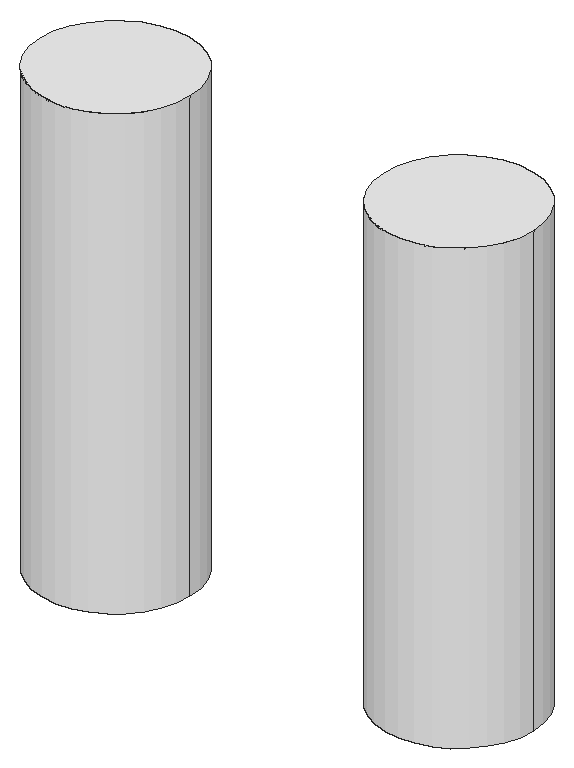
Revit family "51482293", category Plumbing Fixtures, Revit 2020
Family settings
  Round Connector Dimension = Use Diameter
  Part Type = Normal
  OmniClass Number = 23.45.55.00
  OmniClass Title = Sanitary Faucets, Wastes
  Work Plane-Based = No
  Always vertical = Yes
  Cut with Voids When Loaded = No
  Shared = No
  Room Calculation Point = No
Parameters (values of type "51482293 Kitchen faucet")
  Working Pressure = "50 - 1000 kPa"
  WarrantyStartDate [instance] = "n/a"
  WarrantyGuarantorParts = "n/a"
  WarrantyGuarantorLabor = "n/a"
  WarrantyDurationUnit = "Year"
  WarrantyDurationParts = "n/a"
  WarrantyDurationLabor = "n/a"
  WarrantyDescription = "http://warranty.hansa.com"
  Warranty Information URL = "http://warranty.hansa.com"
  VersionDate = "01/06/2023"
  Version = "1"
  ValvePattern = "n/a"
  ValveOperation = "n/a"
  ValveMechanism = "n/a"
  Uniclass2015Reference = "Pr_40_20_87_96"
  Uniclass2015Description = "Washbasin manual water supply sets"
  Uniclass2 = "Pr_40_30_96_96"
  URL REACH = "http://static.hansa.com/doc/reach"
  URL Materials Declaration = "http://www.hansa.com/fileadmin/resources/168264_51482293_materialsdeclaration.pdf"
  URL KIWA = "http://static.hansa.com/Kiwa/51482293"
  URL Environmental Product Declaration EPD = "http://www.hansa.com/fileadmin/resources/184519_EPD_Kitchen faucet.pdf"
  URL EcoLabel Declaration = "http://static.hansa.com/doc/EcoLabel"
  URL EU Packaging Declaration = "http://static.hansa.com/doc/packaging"
  URL Declaration of SCIP = "http://static.hansa.com/doc/SCIP"
  URL Declaration of Conformity = "http://static.hansa.com/DoC/51482293"
  URL Declaration of Asbestos = "http://static.hansa.com/doc/asbestos"
  URL Declaration Of Performance (DOP) = "http://static.hansa.com/doc/DoP"
  URL DVGW = "http://static.hansa.com/DVGW/51482293"
  URL = ""
  UNSPSC Class Number = "30181700 Faucets or taps"
  Type Comments = ""
  TestPressure = "n/a"
  Temperature Adjustments = "Limitation option for maximum temperature and flow-rate ;Adjustable hot water stop (included, retrofittable)"
  Temperature = "Temperature limiter;Temperature limiter (retrofittable)"
  Technical DataSheet URL = "http://www.hansa.com/datasheet/51482293/en"
  TagNumber [instance] = "n/a"
  SustainabilityPerformance = "n/a"
  Surface treatment = "Chrome"
  Spout Type = "Swivel spout;Swivel range limiting option"
  Spout Swivel Range = "120°"
  Spout Projection = "215 mm"
  Spare-Part Information URL = "http://static.hansa.com/sp/51482293"
  Size = "51x255x168 mm"
  Shape = "Sculptured"
  SerialNumber [instance] = "n/a"
  Sales Package dimensions (LxWxH) = "362 x 278 x 63"
  Revision = "n/a"
  ReplacementCost = "n/a"
  ProductInformation = "n/a"
  Product URL = "http://static.hansa.com/51482293"
  Product Image URL = "http://static.hansa.com/image/51482293"
  Product Family = "HANSAPOLO "
  Product Code = "51482293"
  OperatingMechanismMaterial = "n/a"
  NominalWidth = 51 mm
  NominalHeight = 168 mm
  NominalDepth = 255 mm
  Noise Class = "I (ISO 3822)"
  Name_en = "51482293 Kitchen faucet"
  Name = "51482293 Kitchen faucet"
  NBSReference = "45-35-70/371"
  NBSDescription = "Water supply fittings for wash basins and troughs"
  Mounting Holes = "1 hole"
  ModelReference = "51482293"
  ModelNumber = "n/a"
  Model = "51482293 Kitchen faucet"
  Mobile Product Information URL = "http://mpi.hansa.com/51482293"
  Mechanical Parts = "ø 35 mm ceramic cartridge for flow and temperature control"
  Max. Hot Water Supply = 70 °C
  Material = "Brass"
  Market = "Austria;Belgium;Czech Republic;Germany;Spain;France;International;Italy;Netherlands;Slovakia"
  ManufacturerURL = "http://www.hansa.com"
  ManufacturerName = "HANSA"
  Manufacturer = "HANSA"
  Lever Handle = "Hot/Cold symbols;Single operating lever/handle"
  Interactive AR View URL = "https://static.hansa.com/AR/51482293"
  InstallationDate [instance] = "n/a"
  Installation and Maintenance Guide URL = "http://static.hansa.com/manual/51482293"
  Installation Type = "Deck mounted"
  InletConnectionSize = 10 mm
  IfcExportType = "FAUCET"  # constant formula
  IfcExportAs = "IfcValveType"  # constant formula
  Group = "Kitchen faucet"
  Grade = "n/a"
  FlowCoefficient = 0
  Flow Rate At 300kPa = 0.2 L/s
  Flow Drawing URL = "http://static.hansa.com/flowchart/51482293"
  Finish = "Polished"
  Features = "Single-lever"
  FaucetMainMaterial = Brass
  FDV Document URL = "http://www.hansa.com/datasheet/51482293/en/fdv"
  ExpectedLife = "n/a"
  ETIM Class Number = "EC011431 Kitchen mixing tap"
  EN Standard = "EN 817"
  EAN Number = "4057304002854"
  DurationUnit = "Year"
  Dimension Drawing URL = "http://static.hansa.com/dimdrw/51482293"
  Description = ""
  DefaultElevation [instance] = 900 mm
  Default Elevation = 0 mm
  Constituents = "n/a"
  Connection Size = "G3/8"
  Connection = "Flexible inlet pipes"
  Color = "Chrome"
  CodePerformance = "n/a"
  CloseOffRating = 0
  Category = "Kitchen"
  Catalog Drawing URL = "http://static.hansa.com/catdrw/51482293"
  CO2 Emissions (D) = -5.57
  CO2 Emissions (C4) = 0.3
  CO2 Emissions (C3) = 0.02
  CO2 Emissions (C2) = 0.01
  CO2 Emissions (B7) = 4728
  CO2 Emissions (A4) = 0.2
  CO2 Emissions (A1-A3) = 9.85
  Brand = "HANSA"
  BodyMaterial = "Brass"
  Barcode [instance] = "n/a"
  Backflow Prevention EN1717 = "AA"
  BIMObjectName = "51482293(2020)"
  Author = "BIMStone"
  AssetType = "Fixed"
  AssetIdentifier [instance] = "n/a"
  Approval KIWA = "K6116/08"
  Approval DVGW = "NW-6506BP0361"
  Ambience photo = "http://static.hansa.com/ambience/51482293"
  Aerator = "Standard aerator"
  Advanced Features = "Inner body made of DZR brass;Rapid installation system"
  AccessibilityPerformance = "n/a"
  3D View = "https://static.hansa.com/AR/51482293"
  2D/3D/BIM Files URL = "http://static.hansa.com/bim/51482293"
Reference planes
  plane 1 "Center (Front/Back)": y = 0
  plane 2: z = 0
  plane 3 "Center (Left/Right)": x = 0
  plane 4: x = -25.5
  plane 5: z = 1068
  plane 6: z = 900
  plane 7: z = 870
  plane 8: y = -255
  plane 9: x = 25.5
Forms (mm)
  Extrusion 1, solid, material "Brass" <- "FaucetMainMaterial"
    sketch origin (0, 0, 0) x (1, 0, 0) y (0, 1, 0)
      loop
        circle (-11.5, -22.5) r 5
      loop
        circle (11.5, -22.5) r 5
    from 870 to 900
  Extrusion 2, solid, material "Brass" <- "FaucetMainMaterial", detail levels medium
    sketch origin (0, 0, 0) x (0, 1, 0) y (0, 0, 1)
      loop
        line (0, 900) -> (0, 1058.08) -> (-61.322, 1065.36) -> (-111.697, 1068)
        arc (-111.697, 1068) -> (-112.791, 1067.626) -> (-113.167, 1066.532) r 1.316
        line (-113.167, 1066.532) -> (-112.909, 1064.448)
        arc (-112.909, 1064.448) -> (-111.629, 1061.855) -> (-109.013, 1060.622) r 4.388
        line (-109.013, 1060.622) -> (-51, 1054.525) -> (-51, 993.034)
        arc (-51, 993.034) -> (-52.761, 993.574) -> (-54.465, 994.275) r 19.937
        line (-54.465, 994.275) -> (-135.431, 1032.03)
        arc (-135.431, 1032.03) -> (-162.315, 1042.283) -> (-190.393, 1048.572) r 200
        line (-190.393, 1048.572) -> (-248.818, 1057.304)
        arc (-248.818, 1057.304) -> (-251.086, 1056.882) -> (-252.314, 1054.93) r 2.875
        line (-252.314, 1054.93) -> (-255, 1037.009) -> (-252.234, 1036.594) -> (-252.899, 1032.154) -> (-229.163, 1028.596) -> (-228.347, 1034.037) -> (-193.277, 1028.781)
        arc (-193.277, 1028.781) -> (-168.045, 1023.121) -> (-143.883, 1013.904) r 180
        line (-143.883, 1013.904) -> (-51, 970.592) -> (-51, 900) -> (0, 900)
    from 25.5 to -25.5
  Extrusion 3, solid, material "Brass", detail levels coarse
    sketch origin (0, 0, 0) x (1, 0, 0) y (0, 1, 0)
      loop
        line (-25.5, 0) -> (-25.5, -255) -> (25.5, -255) -> (25.5, 0) -> (-25.5, 0)
    from 900 to 1068
Lines and regions (mm)
  symbolic lines, detail levels medium+fine
    curve 1: line (0, 0, 900) -> (0, -51, 900)
    curve 2: line (0, -51, 900) -> (0, -51, 947.5)
    curve 3: line (0, -50.702, 970.453) -> (0, -143.883, 1013.904)
    curve 4: arc (0, -143.883, 1013.904) -> (0, -168.045, 1023.121) -> (0, -193.277, 1028.781) r 180
    curve 5: line (0, -193.277, 1028.781) -> (0, -225.171, 1033.561)
    curve 6: line (0, -229.163, 1028.596) -> (0, -228.497, 1033.037)
    curve 7: line (0, -252.234, 1036.594) -> (0, -252.899, 1032.154)
    curve 8: line (0, -252.899, 1032.154) -> (0, -229.163, 1028.596)
    curve 10: line (0, -225.321, 1032.561) -> (0, -225.171, 1033.561)
    curve 11: line (0, -252.234, 1036.594) -> (0, -255, 1037.009)
    curve 12: line (0, -255, 1037.009) -> (0, -252.314, 1054.93)
    curve 13: arc (0, -252.314, 1054.93) -> (0, -251.086, 1056.882) -> (0, -248.818, 1057.304) r 2.875
    curve 14: line (0, -248.818, 1057.304) -> (0, -190.393, 1048.572)
    curve 15: arc (0, -190.393, 1048.572) -> (0, -162.315, 1042.283) -> (0, -135.431, 1032.03) r 200
    curve 16: line (0, -135.431, 1032.03) -> (0, -54.465, 994.275)
    curve 17: arc (0, -54.465, 994.275) -> (0, -52.475, 993.474) -> (0, -50.41, 992.892) r 19.937
    curve 18: line (0, -50.007, 1023.96) -> (0, -50.41, 992.892)
    curve 19: line (0, -50.702, 970.453) -> (0, -51, 947.5)
    curve 20: line (0, 0, 900) -> (0, 0, 947.5)
    curve 21: line (0, -0.993, 1023.96) -> (0, 0, 947.5)
    curve 23: line (0, -228.497, 1033.037) -> (0, -225.321, 1032.561)
    curve 24: line (0, -0.993, 1023.96) -> (0, -2.721, 1023.96)
    curve 25: line (0, -49.846, 1026.8) -> (0, -48.006, 1026.8)
    curve 27: line (0, -48.304, 1023.96) -> (0, -48.006, 1026.8)
    curve 28: arc (0, -6.504, 1035.604) -> (0, -3.769, 1030.056) -> (0, -2.721, 1023.96) r 21.584
    curve 29: line (0, -49.846, 1026.8) -> (0, -48.267, 1049.382)
    curve 30: arc (0, -48.267, 1049.382) -> (0, -49.483, 1053.016) -> (0, -52.912, 1054.725) r 5.006
    curve 31: line (0, -52.912, 1054.725) -> (0, -109.013, 1060.622)
    curve 32: arc (0, -109.013, 1060.622) -> (0, -111.629, 1061.855) -> (0, -112.909, 1064.448) r 4.388
    curve 33: line (0, -112.909, 1064.448) -> (0, -113.167, 1066.532)
    curve 34: arc (0, -113.167, 1066.532) -> (0, -112.791, 1067.626) -> (0, -111.697, 1068) r 1.316
    curve 35: line (0, -111.697, 1068) -> (0, -61.322, 1065.36)
    curve 36: line (0, -61.322, 1065.36) -> (0, -4.446, 1058.607)
    curve 37: arc (0, -4.446, 1058.607) -> (0, -3.316, 1057.974) -> (0, -2.965, 1056.728) r 1.691
    curve 38: line (0, -2.965, 1056.728) -> (0, -1.647, 1037.869)
    curve 39: line (0, -6.504, 1035.604) -> (0, -1.647, 1037.869)
    curve 41: line (0, -48.304, 1023.96) -> (0, -50.007, 1023.96)
    curve 43: line (25.5, 0, 900) -> (-25.5, 0, 900)
    curve 44: line (-25.5, 0, 900) -> (-25.5, 0, 947.56)
    curve 45: line (-25.5, 0, 947.56) -> (-24.495, 0, 1023.96)
    curve 46: line (-24.362, 0, 1026.797) -> (-22.506, 0, 1026.797)
    curve 47: line (-24.495, 0, 1023.96) -> (-22.754, 0, 1023.96)
    curve 48: line (-24.362, 0, 1026.797) -> (-21.794, 0, 1058.814)
    curve 49: arc (-21.794, 0, 1058.814) -> (-21.406, 0, 1059.899) -> (-20.524, 0, 1060.641) r 2.211
    curve 50: arc (-20.524, 0, 1060.641) -> (-18.448, 0, 1061.525) -> (-16.319, 0, 1062.269) r 33.994
    curve 51: arc (-16.319, 0, 1062.269) -> (-15.779, 0, 1062.579) -> (-15.419, 0, 1063.089) r 1.442
    curve 52: arc (-15.419, 0, 1063.089) -> (-13.815, 0, 1065.638) -> (-11.468, 0, 1067.527) r 9.139
    curve 53: arc (-11.468, 0, 1067.527) -> (-10.657, 0, 1067.864) -> (-9.789, 0, 1068) r 3.707
    curve 54: line (-9.789, 0, 1068) -> (0, 0, 1068)
    curve 55: line (-22.506, 0, 1026.797) -> (-22.754, 0, 1023.96)
    curve 59: line (25.5, 0, 900) -> (25.5, 0, 947.56)
    curve 60: line (25.5, 0, 947.56) -> (24.495, 0, 1023.96)
    curve 61: line (24.362, 0, 1026.797) -> (22.506, 0, 1026.797)
    curve 62: line (24.495, 0, 1023.96) -> (22.754, 0, 1023.96)
    curve 63: line (24.362, 0, 1026.797) -> (21.794, 0, 1058.814)
    curve 64: arc (21.794, 0, 1058.814) -> (21.406, 0, 1059.899) -> (20.524, 0, 1060.641) r 2.211
    curve 65: arc (20.524, 0, 1060.641) -> (18.448, 0, 1061.525) -> (16.319, 0, 1062.269) r 33.994
    curve 66: arc (16.319, 0, 1062.269) -> (15.779, 0, 1062.579) -> (15.419, 0, 1063.089) r 1.442
    curve 67: arc (15.419, 0, 1063.089) -> (13.815, 0, 1065.638) -> (11.468, 0, 1067.527) r 9.139
    curve 68: arc (11.468, 0, 1067.527) -> (10.657, 0, 1067.864) -> (9.789, 0, 1068) r 3.707
    curve 69: line (9.789, 0, 1068) -> (0, 0, 1068)
    curve 70: line (22.506, 0, 1026.797) -> (22.754, 0, 1023.96)
    curve 83: line (-15, -239.534, 0) -> (-15, -59.645, 0)
    curve 84: line (15, -239.534, 0) -> (15, -59.645, 0)
    curve 85: spline (-15, -239.534, 0) -> (-14.489, -243.537, 0) -> (-12.99, -247.267, 0) -> (-10.607, -250.47, 0) -> (-7.5, -252.928, 0) -> (-3.882, -254.473, 0) -> (0, -255, 0) -> (3.882, -254.473, 0) -> (7.5, -252.928, 0) -> (10.607, -250.47, 0) -> (12.99, -247.267, 0) -> (14.489, -243.537, 0) -> (15, -239.534, 0)
    curve 91: arc (-15.824, -46.935, 0) -> (-15.892, -46.144, 0) -> (-15.994, -45.357, 0) r 18.815
    curve 95: arc (15.832, -46.938, 0) -> (15.9, -46.152, 0) -> (16.001, -45.369, 0) r 18.811
    curve 96: line (-15, -59.645, 0) -> (-15.824, -46.935, 0)
    curve 97: line (15, -59.645, 0) -> (15.832, -46.938, 0)
    curve 98: arc (16.001, -45.369, 0) -> (0.021, -0.018, 0) -> (-15.994, -45.357, 0) r 25.494
  symbolic lines, detail levels fine
    curve 9: line (0, -252.234, 1036.594) -> (0, -228.497, 1033.037)
    curve 22: line (0, 0, 947.5) -> (0, -51, 947.5)
    curve 26: line (0, -25.383, 1026.8) -> (0, -6.504, 1035.604)
    curve 40: line (0, -48.006, 1026.8) -> (0, -25.383, 1026.8)
    curve 42: line (0, -2.721, 1023.96) -> (0, -48.304, 1023.96)
    curve 56: line (-15, 0, 970.474) -> (-15, 0, 1054.085)
    curve 57: line (-22.506, 0, 1026.797) -> (-15, 0, 1026.797)
    curve 58: line (-22.754, 0, 1023.96) -> (-15, 0, 1023.96)
    curve 71: line (22.506, 0, 1026.797) -> (15, 0, 1026.797)
    curve 72: line (22.754, 0, 1023.96) -> (15, 0, 1023.96)
    curve 73: line (-25.5, 0, 947.56) -> (25.5, 0, 947.56)
    curve 74: spline (-15, 0, 1054.085) -> (-14.489, 0, 1054.949) -> (-12.99, 0, 1055.755) -> (-10.607, 0, 1056.447) -> (-7.5, 0, 1056.978) -> (-3.882, 0, 1057.312) -> (0, 0, 1057.426) -> (3.882, 0, 1057.312) -> (7.5, 0, 1056.978) -> (10.607, 0, 1056.447) -> (12.99, 0, 1055.755) -> (14.489, 0, 1054.949) -> (15, 0, 1054.085)
    curve 75: arc (-13.012, 0, 968.978) -> (-14.379, 0, 969.231) -> (-15, 0, 970.474) r 1.557
    curve 76: arc (13.012, 0, 968.978) -> (14.379, 0, 969.231) -> (15, 0, 970.474) r 1.557
    curve 77: arc (-13.012, 0, 968.978) -> (0, 0, 970.816) -> (13.012, 0, 968.978) r 47.003
    curve 78: spline (11.961, 0, 1030.3) -> (11.554, 0, 1029.845) -> (10.359, 0, 1029.421) -> (8.458, 0, 1029.058) -> (5.981, 0, 1028.778) -> (3.096, 0, 1028.603) -> (0, 0, 1028.543) -> (-3.096, 0, 1028.603) -> (-5.981, 0, 1028.778) -> (-8.458, 0, 1029.058) -> (-10.359, 0, 1029.421) -> (-11.554, 0, 1029.845) -> (-11.961, 0, 1030.3) -> (-11.554, 0, 1030.754) -> (-10.359, 0, 1031.178) -> (-8.458, 0, 1031.542) -> (-5.981, 0, 1031.821) -> (-3.096, 0, 1031.997) -> (0, 0, 1032.056) -> (3.096, 0, 1031.997) -> (5.981, 0, 1031.821) -> (8.458, 0, 1031.542) -> (10.359, 0, 1031.178) -> (11.554, 0, 1030.754) -> (11.961, 0, 1030.3)
    curve 79: spline (-11.961, 0, 1034.779) -> (-11.554, 0, 1035.234) -> (-10.359, 0, 1035.658) -> (-8.458, 0, 1036.021) -> (-5.981, 0, 1036.301) -> (-3.096, 0, 1036.476) -> (0, 0, 1036.536) -> (3.096, 0, 1036.476) -> (5.981, 0, 1036.301) -> (8.458, 0, 1036.021) -> (10.359, 0, 1035.658) -> (11.554, 0, 1035.234) -> (11.961, 0, 1034.779)
    curve 80: line (-11.961, 0, 1030.3) -> (-11.961, 0, 1034.779)
    curve 81: line (11.961, 0, 1034.779) -> (11.961, 0, 1030.3)
    curve 82: spline (11.961, 0, 1033.769) -> (14.424, 0, 1034.526) -> (14.937, 0, 1035.369) -> (13.431, 0, 1036.183) -> (10.109, 0, 1036.859) -> (5.421, 0, 1037.304) -> (0, 0, 1037.46) -> (-5.421, 0, 1037.304) -> (-10.109, 0, 1036.859) -> (-13.431, 0, 1036.183) -> (-14.937, 0, 1035.369) -> (-14.424, 0, 1034.526) -> (-11.961, 0, 1033.769)
    curve 86: spline (-15, -239.534, 0) -> (-14.489, -242.782, 0) -> (-12.99, -245.808, 0) -> (-10.607, -248.407, 0) -> (-7.5, -250.401, 0) -> (-3.882, -251.655, 0) -> (0, -252.082, 0) -> (3.882, -251.655, 0) -> (7.5, -250.401, 0) -> (10.607, -248.407, 0) -> (12.99, -245.808, 0) -> (14.489, -242.782, 0) -> (15, -239.534, 0)
    curve 87: arc (19.099, -37.489, 0) -> (0, -2.95, 0) -> (-19.099, -37.489, 0) r 22.55
    curve 88: line (0, -113.165, 0) -> (-6.461, -113.165, 0)
    curve 89: arc (-6.461, -113.165, 0) -> (-10.086, -111.77, 0) -> (-11.84, -108.304, 0) r 5.407
    curve 90: line (-11.84, -108.304, 0) -> (-15, -59.645, 0)
    curve 92: line (0, -113.165, 0) -> (6.461, -113.165, 0)
    curve 93: arc (6.461, -113.165, 0) -> (10.086, -111.77, 0) -> (11.84, -108.304, 0) r 5.407
    curve 94: line (11.84, -108.304, 0) -> (15, -59.645, 0)
    curve 99: arc (-19.099, -37.489, 0) -> (-17.182, -41.279, 0) -> (-15.994, -45.357, 0) r 23.03
    curve 100: arc (19.099, -37.489, 0) -> (17.182, -41.279, 0) -> (15.994, -45.357, 0) r 23.03
    curve 101: line (15, 0, 970.474) -> (15, 0, 1054.085)
    curve 102: line (-15.779, 0, 1062.579) -> (-15.779, 0, 1058.287)
    curve 103: arc (-15.779, 0, 1058.287) -> (-15.347, 0, 1056.539) -> (-14.151, 0, 1055.193) r 3.756
    curve 104: line (15.779, 0, 1062.579) -> (15.779, 0, 1058.287)
    curve 105: arc (15.779, 0, 1058.287) -> (15.347, 0, 1056.539) -> (14.151, 0, 1055.193) r 3.756
Dimensions and locks
  "NominalHeight": plane 5 to plane 6
  "DefaultElevation": plane 6 to level
  locked: plane 6 to plane 7 at 30
  "NominalDepth": plane 8 to plane 1 "Center (Front/Back)"
  equal spacing: plane 4, plane 3 "Center (Left/Right)", plane 9
  "NominalWidth": plane 4 to plane 9
  "InletConnectionSize": diameter of Extrusion 1 sketch curve  (x2)
  aligned and locked: level to plane 2
  aligned and locked: plane 6 to Extrusion 1
  aligned and locked: Extrusion 1 to plane 7
  aligned and locked: plane 6 to import instance
  aligned and locked: plane 5 to Extrusion 3
  aligned and locked: Extrusion 3 to plane 6
Automatic sketch dimensions
  curve 88 to plane 3 "Center (Left/Right)" = 0 mm
  curve 85 to plane 3 "Center (Left/Right)" = 0 mm
  curve 87 to plane 3 "Center (Left/Right)" = 0 mm
  curve 89 to plane 3 "Center (Left/Right)" = 6.461 mm
  curve 90 to curve 89 = 5.379 mm
  plane 4 to curve 90 = 10.5 mm
  plane 4 to curve 96 = 9.676 mm
  curve 91 to plane 4 = 9.1 mm
  curve 99 to curve 91 = 4.004 mm
  plane 3 "Center (Left/Right)" to curve 98 = 0.011 mm
  plane 3 "Center (Left/Right)" to curve 93 = 6.461 mm
  curve 93 to curve 94 = 5.379 mm
  plane 9 to curve 97 = 9.668 mm
  curve 95 to plane 9 = 9.103 mm
  curve 95 to curve 100 = 4 mm
  curve 83 to plane 8 = 15.466 mm
  curve 89 to curve 90 = 4.861 mm
  curve 92 to curve 94 = 4.861 mm
  curve 89 to curve 96 = 48.659 mm
  curve 83 to curve 94 = 0 mm
  curve 83 to curve 99 = 9.911 mm
  curve 84 to curve 100 = 9.911 mm
  curve 100 to curve 95 = 1.574 mm
  curve 99 to curve 91 = 1.58 mm
  curve 84 to curve 97 = 12.706 mm
  plane 1 "Center (Front/Back)" to curve 98 = 25.512 mm
  curve 98 to curve 87 = 0.012 mm
  curve 98 to curve 96 = 0.17 mm
  curve 87 to curve 99 = 0 mm
  curve 100 to curve 95 = 0.007 mm
  plane 9 to curve 100 = 6.401 mm
  curve 87 to curve 100 = 0 mm
  curve 95 to curve 100 = 0.012 mm
  Extrusion 3 sketch curve to plane 4 = 0 mm
  plane 8 to Extrusion 3 sketch curve = 0 mm
  Extrusion 3 sketch curve to plane 9 = 0 mm
  plane 1 "Center (Front/Back)" to Extrusion 3 sketch curve = 0 mm
  curve 11 to plane 8 = 0 mm
  curve 34 to plane 5 = 0 mm
  curve 1 to plane 6 = 0 mm
  curve 20 to plane 1 "Center (Front/Back)" = 0 mm
  curve 8 to plane 8 = 2.101 mm
  curve 12 to plane 8 = 2.686 mm
  curve 7 to plane 8 = 2.766 mm
  curve 13 to curve 13 = 2.844 mm
  curve 13 to curve 14 = 0.652 mm
  curve 7 to curve 8 = 23.737 mm
  curve 6 to curve 23 = 3.177 mm
  curve 10 to curve 10 = 0.15 mm
  curve 4 to plane 8 = 35.045 mm
  curve 4 to curve 15 = 0 mm
  curve 5 to curve 5 = 31.894 mm
  curve 14 to plane 5 = 19.428 mm
  curve 5 to curve 14 = 2.884 mm
  curve 3 to plane 5 = 54.096 mm
  curve 4 to curve 3 = 49.394 mm
  curve 16 to plane 5 = 35.97 mm
  curve 4 to curve 16 = 8.452 mm
  curve 33 to plane 5 = 1.468 mm
  curve 15 to curve 33 = 22.264 mm
  curve 33 to plane 5 = 3.552 mm
  curve 33 to curve 33 = 0.258 mm
  curve 34 to plane 5 = 1.306 mm
  curve 33 to curve 34 = 1.306 mm
  curve 31 to plane 5 = 7.378 mm
  curve 32 to curve 31 = 3.897 mm
  curve 32 to plane 5 = 3.014 mm
  curve 36 to plane 5 = 2.64 mm
  curve 32 to curve 36 = 47.232 mm
  plane 1 "Center (Front/Back)" to curve 16 = 54.465 mm
  curve 35 to curve 30 = 8.061 mm
  curve 31 to plane 5 = 13.275 mm
  curve 30 to curve 31 = 0.349 mm
  curve 17 to curve 22 = 3.465 mm
  curve 2 to curve 19 = 0.298 mm
  curve 16 to curve 18 = 4.054 mm
  curve 30 to curve 41 = 3.254 mm
  curve 18 to curve 25 = 0.161 mm
  curve 18 to curve 42 = 1.703 mm
  curve 29 to plane 5 = 18.618 mm
  curve 30 to curve 29 = 4.994 mm
  curve 25 to curve 25 = 1.841 mm
  curve 27 to curve 17 = 2.265 mm
  curve 25 to curve 26 = 22.622 mm
  curve 26 to curve 28 = 1.086 mm
  plane 1 "Center (Front/Back)" to curve 39 = 6.504 mm
  plane 1 "Center (Front/Back)" to curve 37 = 4.645 mm
  curve 37 to curve 36 = 0.199 mm
  curve 37 to curve 38 = 1.68 mm
  plane 1 "Center (Front/Back)" to curve 24 = 2.721 mm
  plane 1 "Center (Front/Back)" to curve 39 = 1.647 mm
  plane 1 "Center (Front/Back)" to curve 21 = 0.993 mm
  curve 15 to curve 4 = 0 mm
  plane 6 to curve 22 = 47.5 mm
  curve 2 to curve 3 = 22.953 mm
  curve 3 to curve 18 = 22.439 mm
  curve 17 to curve 16 = 1.383 mm
  curve 17 to curve 28 = 11.042 mm
  curve 17 to curve 27 = 11.616 mm
  curve 28 to curve 26 = 3.414 mm
  curve 8 to curve 5 = 0.185 mm
  curve 26 to curve 39 = 2.265 mm
  curve 13 to curve 13 = 0.426 mm
  curve 38 to plane 5 = 11.272 mm
  curve 38 to curve 37 = 0.199 mm
  curve 43 to plane 4 = 0 mm
  curve 54 to plane 5 = 0 mm
  curve 54 to plane 3 "Center (Left/Right)" = 0 mm
  curve 79 to plane 3 "Center (Left/Right)" = 0 mm
  curve 74 to plane 3 "Center (Left/Right)" = 0 mm
  curve 77 to plane 3 "Center (Left/Right)" = 0 mm
  curve 82 to plane 3 "Center (Left/Right)" = 0 mm
  plane 9 to curve 73 = 0 mm
  curve 43 to plane 6 = 0 mm
  plane 4 to curve 45 = 1.005 mm
  plane 4 to curve 46 = 1.138 mm
  curve 45 to curve 47 = 1.74 mm
  curve 46 to curve 57 = 1.856 mm
  plane 4 to curve 48 = 3.706 mm
  curve 49 to curve 49 = 2.203 mm
  curve 49 to curve 51 = 2.841 mm
  curve 49 to curve 102 = 3.812 mm
  plane 4 to curve 56 = 10.5 mm
  curve 56 to curve 75 = 1.557 mm
  curve 102 to curve 103 = 3.756 mm
  curve 57 to curve 80 = 3.039 mm
  curve 102 to curve 54 = 5.99 mm
  curve 53 to curve 53 = 0.137 mm
  curve 103 to curve 52 = 5.034 mm
  curve 80 to curve 50 = 5.785 mm
  curve 65 to curve 78 = 5.785 mm
  plane 3 "Center (Left/Right)" to curve 67 = 6.989 mm
  curve 67 to curve 68 = 2.662 mm
  curve 68 to curve 69 = 0.137 mm
  curve 105 to curve 101 = 2.977 mm
  curve 76 to curve 76 = 1.557 mm
  curve 105 to curve 104 = 3.756 mm
  curve 104 to curve 66 = 0.971 mm
  curve 104 to curve 64 = 3.812 mm
  curve 64 to curve 63 = 2.203 mm
  plane 9 to curve 61 = 2.994 mm
  plane 9 to curve 62 = 2.746 mm
  plane 9 to curve 61 = 1.138 mm
  plane 9 to curve 62 = 1.005 mm
  plane 6 to curve 77 = 23.813 mm
  curve 77 to curve 45 = 23.747 mm
  curve 59 to curve 76 = 22.914 mm
  curve 44 to curve 75 = 22.914 mm
  curve 47 to plane 5 = 44.04 mm
  curve 62 to curve 58 = 0 mm
  curve 47 to curve 57 = 2.837 mm
  curve 62 to curve 71 = 2.837 mm
  curve 71 to curve 65 = 3.026 mm
  curve 57 to curve 50 = 3.026 mm
  curve 65 to curve 81 = 4.956 mm
  curve 101 to plane 5 = 13.915 mm
  curve 101 to curve 105 = 4.203 mm
  curve 74 to curve 103 = 4.203 mm
  curve 102 to curve 49 = 0.35 mm
  curve 104 to curve 64 = 0.35 mm
  curve 64 to curve 63 = 0.177 mm
  curve 49 to curve 48 = 0.177 mm
  curve 105 to curve 67 = 1.274 mm
  curve 103 to curve 52 = 1.274 mm
  curve 66 to plane 5 = 4.355 mm
  curve 51 to plane 5 = 4.355 mm
  curve 53 to plane 5 = 3.705 mm
  curve 68 to plane 5 = 3.705 mm
  curve 50 to curve 49 = 0 mm
  curve 51 to curve 50 = 0 mm
  curve 52 to curve 51 = 0 mm
  curve 74 to curve 103 = 0.849 mm
  curve 77 to curve 75 = 0 mm
  curve 67 to curve 68 = 0 mm
  curve 79 to curve 82 = 3.039 mm
  curve 66 to curve 67 = 0 mm
  curve 65 to curve 66 = 0 mm
  curve 81 to curve 79 = 4.48 mm
  curve 80 to curve 79 = 4.48 mm
  curve 78 to curve 79 = 4.48 mm
  curve 82 to curve 79 = 1.01 mm
  curve 79 to curve 82 = 0.379 mm
  Extrusion 2 sketch curve to plane 8 = 0 mm
  Extrusion 2 sketch curve to plane 5 = 0 mm
  Extrusion 2 sketch curve to plane 6 = 0 mm
  Extrusion 2 sketch curve to plane 1 "Center (Front/Back)" = 0 mm
  Extrusion 2 sketch curve to plane 8 = 2.101 mm
  Extrusion 2 sketch curve to plane 8 = 2.686 mm
  Extrusion 2 sketch curve to plane 8 = 2.766 mm
  Extrusion 2 sketch curve to Extrusion 2 sketch curve = 2.844 mm
  Extrusion 2 sketch curve to Extrusion 2 sketch curve = 0.652 mm
  Extrusion 2 sketch curve to Extrusion 2 sketch curve = 23.737 mm
  Extrusion 2 sketch curve to Extrusion 2 sketch curve = 0.815 mm
  Extrusion 2 sketch curve to plane 8 = 35.045 mm
  Extrusion 2 sketch curve to Extrusion 2 sketch curve = 0 mm  (x2)
  Extrusion 2 sketch curve to Extrusion 2 sketch curve = 35.07 mm
  Extrusion 2 sketch curve to plane 5 = 19.428 mm
  Extrusion 2 sketch curve to Extrusion 2 sketch curve = 2.884 mm
  Extrusion 2 sketch curve to plane 5 = 54.096 mm
  Extrusion 2 sketch curve to Extrusion 2 sketch curve = 49.394 mm
  Extrusion 2 sketch curve to plane 5 = 35.97 mm
  Extrusion 2 sketch curve to Extrusion 2 sketch curve = 8.452 mm
  Extrusion 2 sketch curve to plane 5 = 1.468 mm
  Extrusion 2 sketch curve to Extrusion 2 sketch curve = 22.264 mm
  Extrusion 2 sketch curve to plane 5 = 3.552 mm
  Extrusion 2 sketch curve to Extrusion 2 sketch curve = 0.258 mm
  Extrusion 2 sketch curve to Extrusion 2 sketch curve = 1.306 mm
  Extrusion 2 sketch curve to Extrusion 2 sketch curve = 0.164 mm
  Extrusion 2 sketch curve to plane 5 = 7.378 mm
  Extrusion 2 sketch curve to Extrusion 2 sketch curve = 3.897 mm
  Extrusion 2 sketch curve to plane 5 = 3.014 mm
  Extrusion 2 sketch curve to plane 5 = 2.64 mm
  Extrusion 2 sketch curve to Extrusion 2 sketch curve = 47.232 mm
  plane 1 "Center (Front/Back)" to Extrusion 2 sketch curve = 54.465 mm
  plane 1 "Center (Front/Back)" to Extrusion 2 sketch curve = 51 mm
  Extrusion 2 sketch curve to Extrusion 2 sketch curve = 10.322 mm
  Extrusion 2 sketch curve to Extrusion 2 sketch curve = 8.426 mm
  Extrusion 2 sketch curve to Extrusion 2 sketch curve = 70.592 mm
  Extrusion 2 sketch curve to Extrusion 2 sketch curve = 22.442 mm
  Extrusion 2 sketch curve to Extrusion 2 sketch curve = 1.241 mm
  Extrusion 2 sketch curve to Extrusion 2 sketch curve = 0.185 mm
  Extrusion 2 sketch curve to Extrusion 2 sketch curve = 0.426 mm
  Extrusion 2 sketch curve to plane 5 = 13.475 mm
  Extrusion 2 sketch curve to plane 5 = 9.92 mm
  Extrusion 1 sketch curve to plane 3 "Center (Left/Right)" = 11.5 mm
  plane 3 "Center (Left/Right)" to Extrusion 1 sketch curve = 11.5 mm
  plane 1 "Center (Front/Back)" to Extrusion 1 sketch curve = 22.5 mm  (x2)
Nested families
  nested 1: "Symbol" at (0, 0, 0), type "Symbol", detail levels coarse
Connectors
  piping at (-11.5, -22.5, 870), diameter 10, driven by "InletConnectionSize"
    settings: on Extrusion 1, index 1, connector inside diameter 609.6 mm, connector length 0 mm, flow factor 0, pipe flow 0.2 L/s, pressure drop 0.0 Pa, fitting loss kfactor 0, connector angle 0.00°, fixture units 0, engagement length 0 mm, angle of deflection 0.00°, flow configuration 1, flow direction 1, fitting loss method 0, system type 19, joint type 0, gender type 0, connector reference index -1, connector utility 0, adjustable connector no, is connector primary yes, connector description ""
  piping at (11.5, -22.5, 870), diameter 10, driven by "InletConnectionSize"
    settings: on Extrusion 1, index 2, connector inside diameter 609.6 mm, connector length 0 mm, flow factor 0, pipe flow 0.2 L/s, pressure drop 0.0 Pa, fitting loss kfactor 0, connector angle 0.00°, fixture units 0, engagement length 0 mm, angle of deflection 0.00°, flow configuration 1, flow direction 1, fitting loss method 0, system type 20, joint type 0, gender type 0, connector reference index -1, connector utility 0, adjustable connector no, is connector primary no, connector description ""
Definition of nested family "Symbol"
  Reference planes
    plane 1: y = 0
    plane 2: x = 0
  Lines and regions (mm)
    detail lines
      curve 1: line (0, 0, 0) -> (0, -1.8, 0)
      curve 2: line (-0.4, -1.1, 0) -> (0.4, -1.1, 0)
      curve 3: line (-0.4, -1.4, 0) -> (0.4, -1.4, 0)
      curve 4: line (0.863, 0, 0) -> (-0.863, 0, 0)
      curve 5: circle (-1.163, 0, 0) r 0.3 normal (0, 0, -1)
      curve 6: circle (1.163, 0, 0) r 0.3 normal (0, 0, 1)
